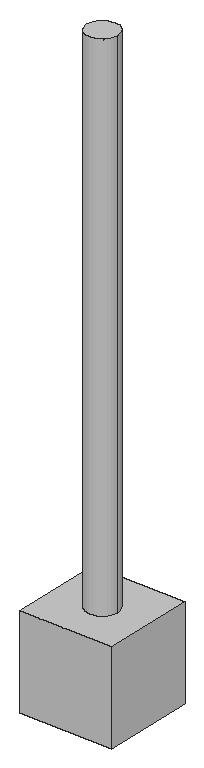
Revit family
Parameters (values of type "Type 1")
  조인트높이 = 30 mm
  연결높이 = 170 mm
Reference planes
  plane 1 "Center (Front/Back)": y = 0
  plane 2: z = 0
  plane 3 "Center (Left/Right)": x = 0
  plane 4 "Ceiling": z = 4000
  plane 5: z = 4030
  plane 6: z = 4200
Forms (mm)
  Extrusion 1, solid, material "STEEL_CELING"
    sketch origin (0, 0, 4000) x (0, 1, 0) y (-1, 0, 0)
      loop
        line (15, 15) -> (-15, 15) -> (-15, -15) -> (15, -15) -> (15, 15)
    from 0 to 30
  Extrusion 2, solid, material "STEEL_CELING"
    sketch origin (0, 0, 4000) x (0, 1, 0) y (-1, 0, 0)
      loop
        circle (0, 0) r 5
    from 30 to 200
Dimensions and locks
  equal spacing: host sketch curve, plane 3 "Center (Left/Right)", host sketch curve
  equal spacing: host sketch curve, plane 1 "Center (Front/Back)", host sketch curve
  host sketch curve to host sketch curve = 4000 mm  (x2)
  locked: plane 4 "Ceiling" to host ceiling at 0
  "조인트높이": plane 4 "Ceiling" to plane 5
  "연결높이": plane 5 to plane 6
  aligned and locked: plane 5 to Extrusion 1
  aligned and locked: Extrusion 2 to Extrusion 1
  aligned and locked: plane 6 to Extrusion 2
Automatic sketch dimensions
  plane 1 "Center (Front/Back)" to Extrusion 1 sketch curve = 15 mm
  Extrusion 1 sketch curve to plane 1 "Center (Front/Back)" = 15 mm
  plane 3 "Center (Left/Right)" to Extrusion 1 sketch curve = 15 mm
  Extrusion 1 sketch curve to plane 3 "Center (Left/Right)" = 15 mm
  plane 1 "Center (Front/Back)" to Extrusion 2 sketch curve = 0 mm
  Extrusion 2 sketch curve to plane 3 "Center (Left/Right)" = 0 mm
  radius of Extrusion 2 sketch curve = 5 mm
